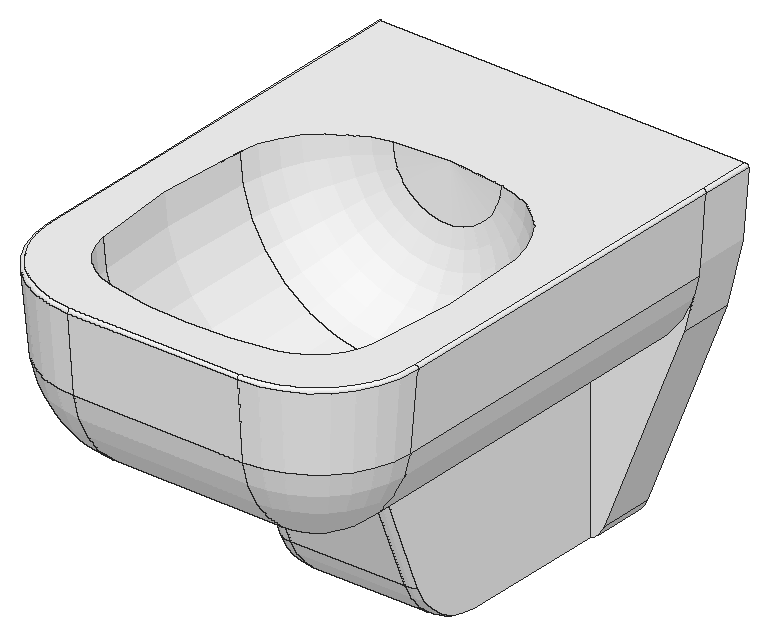
Revit family "NLRS_74_PF_UN_toilet_S8204300000_SPHINX_BCB", category Plumbing Fixtures, Revit 2016
Family settings
  Part Type = Normal
  Round Connector Dimension = Use Diameter
  OmniClass Number = 23.45.00.00
  OmniClass Title = Sanitary, Laundry, and Cleaning Equipment
  Work Plane-Based = No
  Always vertical = Yes
  Cut with Voids When Loaded = No
  Shared = No
  Room Calculation Point = No
Parameters (values of type "toilet_S8204300000")
  NLRS_C_type = "Wandcloset diepspoel verkort"  # constant formula
  NLRS_C_serie = "Sphinx 320 XS"  # constant formula
  NLRS_C_revit_versie = "2016"
  NLRS_C_content_versie = "2.0"
  NLRS_C_content_provider = "BouwConnect"
  NLRS_C_content_datum_uitgifte = "APR-2018"
  NLRS_C_content_datum_gewijzigd = "APR-2018"
  NLRS_C_content_creator = "BouwConnect"
  NLRS_C_URL_product_data = "http://www.sphinx.nl/producten/special-products/compact/sphinx-320-xs-%7C-verkort-wandcloset/28863/#gref"
  NLRS_C_code_artikel = "S8204300000"  # constant formula
  URL = "http://www.sphinx.nl/"
  NLRS_S_gewicht = 15.50 kg  # constant formula
  NLRS_C_materiaal = NLRS_g3_porcelein_wit
  NLRS_C_lengte = 485 mm  # constant formula
  NLRS_C_hoogte = 340 mm  # constant formula
  NLRS_C_diameter_uit = 102 mm  # constant formula
  NLRS_C_diameter_in = 55 mm  # constant formula
  NLRS_C_breedte = 350 mm  # constant formula
  Manufacturer = "Sphinx"
  IfcTypeProduct = "IfcSanitaryTerminalType"  # constant formula
  IfcExportType = "TOILETPAN"  # constant formula
  IfcExportAs = "IfcSanitaryTerminalTypeEnum"  # constant formula
  IfcElement = "IfcFlowTerminal"  # constant formula
  NLRS_C_code_EAN = "8711754412200"  # constant formula
  Description = "toilet"
  NLRS_C_URL_BCB = "http://bcb-online.nl/?zoekterm=Sphinx+++%5bGeberit+B.V.%5d"
Values of the unnamed type that differ from the named types
  NLRS_C_revit_versie = ""
  NLRS_C_content_versie = ""
  NLRS_C_content_provider = ""
  NLRS_C_content_datum_uitgifte = ""
  NLRS_C_content_datum_gewijzigd = ""
  NLRS_C_content_creator = ""
Reference planes
  plane 1 "Center (Front/Back)": y = 0
  plane 2: z = 0
  plane 3 "Center (Left/Right)": x = 0
Forms (mm)
  Extrusion 1, solid, material "NLRS_g3_porcelein_wit" <- "NLRS_C_materiaal", detail levels coarse
    sketch origin (0, 0, 0) x (1, 0, 0) y (0, 1, 0)
      loop
        line (-174.991, 0) -> (-174.991, -390)
        arc (-174.991, -390) -> (-147.166, -457.175) -> (-79.991, -485) r 95
        line (-79.991, -485) -> (80.009, -485)
        arc (80.009, -485) -> (147.184, -457.175) -> (175.009, -390) r 95
        line (175.009, -390) -> (175.009, 0) -> (-174.991, 0)
    from -340 to 0
  Extrusion 2, void
    sketch origin (0, 0, 0) x (1, 0, 0) y (0, 1, 0)
      loop
        arc (130.492, -219.319) -> (104.425, -165.336) -> (51.224, -137.71) r 95
        arc (51.224, -137.71) -> (0, -133.655) -> (-51.224, -137.71) r 325.629
        arc (-51.224, -137.71) -> (-104.425, -165.336) -> (-130.492, -219.319) r 95
        arc (-130.492, -219.319) -> (-135.199, -301.636) -> (-128.087, -383.78) r 575.144
        arc (-128.087, -383.78) -> (-111.026, -418.312) -> (-77.416, -437.125) r 65
        arc (-77.416, -437.125) -> (0, -445.264) -> (77.416, -437.125) r 372.247
        arc (77.416, -437.125) -> (111.026, -418.312) -> (128.087, -383.78) r 65
        arc (128.087, -383.78) -> (135.199, -301.636) -> (130.492, -219.319) r 575.144
    from -200 to 10
  Sweep 3, solid, material "NLRS_g3_porcelein_wit" <- "NLRS_C_materiaal", detail levels medium+fine
    path origin (0, 0, 0) x (1, 0, 0) y (0, 1, 0)
      loop
        line (-175, -50) -> (-175, -390)
        arc (-175, -390) -> (-147.175, -457.175) -> (-80, -485) r 95
        line (-80, -485) -> (80, -485)
        arc (80, -485) -> (147.175, -457.175) -> (175, -390) r 95
        line (175, -390) -> (175, -50)
    profile origin (-175, -220, 0) x (1, 0, 0) y (0, 0, 1)
      loop
        arc (3.011, 0) -> (0.868, -0.885) -> (-0.026, -3.023) r 3.038
        arc (-0.026, -3.023) -> (1.559, -39.66) -> (6.647, -75.976) r 382.354
        arc (6.647, -75.976) -> (36.767, -135.594) -> (94, -170.031) r 120.575
        line (94, -170.031) -> (94, 0) -> (3.011, 0)
  Sweep 4, solid, material "NLRS_g3_porcelein_wit" <- "NLRS_C_materiaal", detail levels medium+fine
    path origin (0, 0, 0) x (0, 1, 0) y (0, 0, 1)
      loop
        line (-50, -330) -> (-185.105, -330)
        arc (-185.105, -330) -> (-224.248, -318.033) -> (-250.008, -286.223) r 70
        line (-250.008, -286.223) -> (-300.58, -161.053)
    profile origin (0, -117.552, -330) x (0, 0, -1) y (1, 0, 0)
      loop
        line (5, -53.897) -> (5, 53.897)
        arc (5, 53.897) -> (4.421, 59.565) -> (2.709, 64.999) r 28.047
        line (2.709, 64.999) -> (-69, 64.999) -> (-69, -64.999) -> (2.709, -64.999)
        arc (2.709, -64.999) -> (4.421, -59.565) -> (5, -53.897) r 28.047
  Extrusion 5, solid, material "NLRS_g3_porcelein_wit" <- "NLRS_C_materiaal", detail levels medium+fine
    sketch origin (300, 0, 0) x (-1, 0, 0) y (0, 0, -1)
      loop
        arc (124.974, 3.03) -> (125.871, 0.887) -> (128.018, 0) r 3.045
        line (128.018, 0) -> (471.982, 0)
        arc (471.982, 0) -> (474.129, 0.887) -> (475.026, 3.03) r 3.045
        arc (475.026, 3.03) -> (470.146, 65.75) -> (455.048, 126.82) r 382.354
        arc (455.048, 126.82) -> (419.684, 223.65) -> (379.441, 318.555) r 2026.183
        arc (379.441, 318.555) -> (369.092, 330.533) -> (353.906, 335) r 28.047
        line (353.906, 335) -> (300, 335) -> (246.094, 335)
        arc (246.094, 335) -> (230.908, 330.533) -> (220.559, 318.555) r 28.047
        arc (220.559, 318.555) -> (180.316, 223.65) -> (144.952, 126.82) r 2026.183
        arc (144.952, 126.82) -> (129.854, 65.75) -> (124.974, 3.03) r 382.354
    from 0 to 50
  Extrusion 6, solid, material "NLRS_g3_porcelein_wit" <- "NLRS_C_materiaal", detail levels medium+fine
    sketch origin (0, 0, 0) x (1, 0, 0) y (0, 1, 0)
      loop
        line (-81, -391) -> (81, -391) -> (81, -50) -> (-81, -50) -> (-81, -391)
    from -169 to 0
  Revolve 7, void
    sketch origin (0, -1000, 0) x (1, 0, 0) y (0, 1, 0)
      loop
        arc (51.224, 862.29) -> (25.692, 865.33) -> (0, 866.345) r 325.629
        line (0, 866.345) -> (0, 554.736)
        arc (0, 554.736) -> (38.921, 556.776) -> (77.416, 562.875) r 372.247
        arc (77.416, 562.875) -> (111.026, 581.688) -> (128.087, 616.22) r 65
        arc (128.087, 616.22) -> (135.199, 698.364) -> (130.492, 780.681) r 575.144
        arc (130.492, 780.681) -> (104.425, 834.664) -> (51.224, 862.29) r 95
      axis (0, 866.345) -> (0, 554.736)
    angle from 0 to 360
  Extrusion 8, solid, material "NLRS_g3_porcelein_wit" <- "NLRS_C_materiaal", detail levels medium+fine
    sketch origin (0, 0, 0) x (0, 1, 0) y (0, 0, 1)
      loop
        line (-50, -261) -> (-50, -156) -> (-228.202, -156) -> (-185.779, -261) -> (-50, -261)
    from -64.999 to 64.999
  Extrusion 9, void
    sketch origin (-1000, 0, 0) x (1, 0, 0) y (0, 0, 1)
      loop
        circle (1000, -45.616) r 22.492
    from -10 to 25
  Extrusion 10, void
    sketch origin (-1000, 0, 0) x (1, 0, 0) y (0, 0, 1)
      loop
        circle (1000, -180) r 50
    from -10 to 10
  Extrusion 11, solid, not visible
    sketch origin (-1000, 0, 0) x (1, 0, 0) y (0, 0, 1)
      loop
        circle (1000, -45.616) r 22.492
    from 23 to 25
  Extrusion 12, solid, not visible
    sketch origin (-1000, 0, 0) x (1, 0, 0) y (0, 0, 1)
      loop
        circle (1000, -180) r 50
    from 8 to 10
Cuts and joins
  Extrusion 2 cuts Extrusion 1
  Revolve 7 cuts Sweep 3
  Extrusion 9, Extrusion 10 cuts Extrusion 5
  Revolve 7 cuts Extrusion 6
  joined: Sweep 3, Sweep 4, Extrusion 5, Extrusion 6, Extrusion 8
Lines and regions (mm)
  model lines
    curve 1: arc (-80.991, 0, -177.839) -> (-69.457, 0, -196.689) -> (-65.115, 0, -218.357) r 63.216
Dimensions and locks
  aligned and locked: level to plane 2
Connectors
  piping at (0, -10, -180), diameter 102, driven by "NLRS_C_diameter_uit"
    settings: on cut or joined group of Sweep 3, Sweep 4, Extrusion 5, Extrusion 6, Revolve 7, Extrusion 8, Extrusion 9, Extrusion 10, index 1, connector inside diameter 100 mm, connector length 0 mm, flow factor 0, pipe flow 0.0 L/s, pressure drop 0.0 Pa, fitting loss kfactor 0, connector angle 0.00°, fixture units 0, engagement length 0 mm, angle of deflection 0.00°, flow configuration 0, flow direction 0, fitting loss method 0, system type 19, joint type 0, gender type 0, connector reference index -1, connector utility 0, adjustable connector no, is connector primary yes, connector description ""
